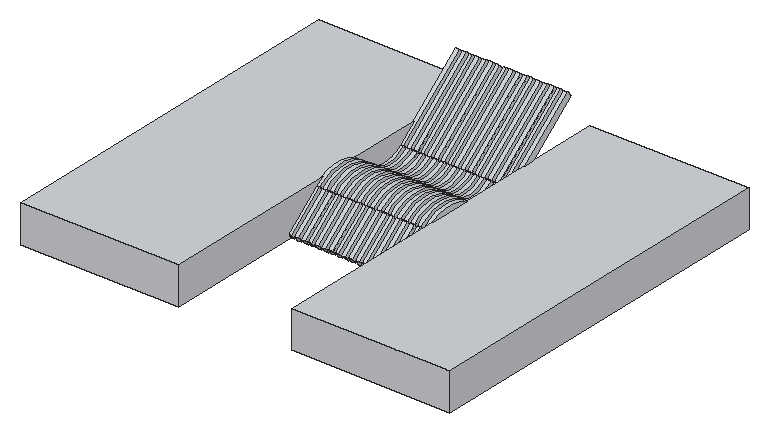
Revit family
Parameters
  nr = l / (d + 40 mm)  # 17
  l = 1200 mm
  d = 30 mm
Reference planes
  plane 1 "Centro (Fronte/Retro)": y = 0
  plane 2: z = 0
  plane 3 "Centro (Sinistra/Destra)": x = 0
  plane 4: x = -1200
Forms (mm)
  Extrusion 1, solid
    sketch origin (0, 0, 0) x (1, 0, 0) y (0, 1, 0)
      loop
        line (0, 2450) -> (0, -1550) -> (1700, -1550) -> (1700, 2450) -> (0, 2450)
    from 0 to 400
  Extrusion 2, solid
    sketch origin (-2900, -10, 0) x (1, 0, 0) y (0, 1, 0)
      loop
        line (0, 2450) -> (0, -1550) -> (1700, -1550) -> (1700, 2450) -> (0, 2450)
    from 0 to 400
Dimensions and locks
  equal spacing: group 2, group 17, group 16, group 15, group 14, group 13, group 12, group 11, group 10, group 9, group 8, group 7, group 6, group 5, group 4, group 3, group 1
  equal spacing: group 1, group 3, group 4, group 5, group 6, group 7, group 8, group 9, group 10, group 11, group 12, group 13, group 14, group 15, group 16, group 17, group 2  (x2)
  "l": plane 4 to plane 3 "Centro (Sinistra/Destra)"
  aligned and locked: plane 3 "Centro (Sinistra/Destra)" to nested 1
  aligned and locked: plane 4 to nested 2
Automatic sketch dimensions
  Extrusion 1 sketch curve to plane 3 "Centro (Sinistra/Destra)" = 0 mm
  plane 3 "Centro (Sinistra/Destra)" to Extrusion 1 sketch curve = 1700 mm
  plane 1 "Centro (Fronte/Retro)" to Extrusion 1 sketch curve = 1550 mm
  Extrusion 1 sketch curve to plane 1 "Centro (Fronte/Retro)" = 2450 mm
  Extrusion 2 sketch curve to plane 4 = 1700 mm
  Extrusion 2 sketch curve to plane 4 = 0 mm
  plane 1 "Centro (Fronte/Retro)" to Extrusion 2 sketch curve = 1560 mm
  Extrusion 2 sketch curve to plane 1 "Centro (Fronte/Retro)" = 2440 mm
Nested families
  nested 1: "sedia" at (-40, 1200, 0), type "sedia"
    with r 400.195 mm, lsd 125 mm, lsc 750 mm, lg 375 mm, er 87.695 mm, cc 400.1953, c 0.8, asc 600 mm
  nested 2: "sedia" at (-1200, 1200, 0), type "sedia"
    with r 400.195 mm, lsd 125 mm, lsc 750 mm, lg 375 mm, er 87.695 mm, cc 400.1953, c 0.8, asc 600 mm
  nested 3: "sedia" at (-112.5, 1200, 0), type "sedia"
    with r 400.195 mm, lsd 125 mm, lsc 750 mm, lg 375 mm, er 87.695 mm, cc 400.1953, c 0.8, asc 600 mm
  nested 4: "sedia" at (-185, 1200, 0), type "sedia"
    with r 400.195 mm, lsd 125 mm, lsc 750 mm, lg 375 mm, er 87.695 mm, cc 400.1953, c 0.8, asc 600 mm
  nested 5: "sedia" at (-257.5, 1200, 0), type "sedia"
    with r 400.195 mm, lsd 125 mm, lsc 750 mm, lg 375 mm, er 87.695 mm, cc 400.1953, c 0.8, asc 600 mm
  nested 6: "sedia" at (-330, 1200, 0), type "sedia"
    with r 400.195 mm, lsd 125 mm, lsc 750 mm, lg 375 mm, er 87.695 mm, cc 400.1953, c 0.8, asc 600 mm
  nested 7: "sedia" at (-402.5, 1200, 0), type "sedia"
    with r 400.195 mm, lsd 125 mm, lsc 750 mm, lg 375 mm, er 87.695 mm, cc 400.1953, c 0.8, asc 600 mm
  nested 8: "sedia" at (-475, 1200, 0), type "sedia"
    with r 400.195 mm, lsd 125 mm, lsc 750 mm, lg 375 mm, er 87.695 mm, cc 400.1953, c 0.8, asc 600 mm
  nested 9: "sedia" at (-547.5, 1200, 0), type "sedia"
    with r 400.195 mm, lsd 125 mm, lsc 750 mm, lg 375 mm, er 87.695 mm, cc 400.1953, c 0.8, asc 600 mm
  nested 10: "sedia" at (-620, 1200, 0), type "sedia"
    with r 400.195 mm, lsd 125 mm, lsc 750 mm, lg 375 mm, er 87.695 mm, cc 400.1953, c 0.8, asc 600 mm
  nested 11: "sedia" at (-692.5, 1200, 0), type "sedia"
    with r 400.195 mm, lsd 125 mm, lsc 750 mm, lg 375 mm, er 87.695 mm, cc 400.1953, c 0.8, asc 600 mm
  nested 12: "sedia" at (-765, 1200, 0), type "sedia"
    with r 400.195 mm, lsd 125 mm, lsc 750 mm, lg 375 mm, er 87.695 mm, cc 400.1953, c 0.8, asc 600 mm
  nested 13: "sedia" at (-837.5, 1200, 0), type "sedia"
    with r 400.195 mm, lsd 125 mm, lsc 750 mm, lg 375 mm, er 87.695 mm, cc 400.1953, c 0.8, asc 600 mm
  nested 14: "sedia" at (-910, 1200, 0), type "sedia"
    with r 400.195 mm, lsd 125 mm, lsc 750 mm, lg 375 mm, er 87.695 mm, cc 400.1953, c 0.8, asc 600 mm
  nested 15: "sedia" at (-982.5, 1200, 0), type "sedia"
    with r 400.195 mm, lsd 125 mm, lsc 750 mm, lg 375 mm, er 87.695 mm, cc 400.1953, c 0.8, asc 600 mm
  nested 16: "sedia" at (-1055, 1200, 0), type "sedia"
    with r 400.195 mm, lsd 125 mm, lsc 750 mm, lg 375 mm, er 87.695 mm, cc 400.1953, c 0.8, asc 600 mm
  nested 17: "sedia" at (-1127.5, 1200, 0), type "sedia"
    with r 400.195 mm, lsd 125 mm, lsc 750 mm, lg 375 mm, er 87.695 mm, cc 400.1953, c 0.8, asc 600 mm
Definition of nested family "sedia"
  Parameters
    sp = 40 mm
    r = cc * 1 mm  # 279.508 mm
    lsd = asd / c  # 50 mm
    lsc = asc / c  # 100 mm
    lg = ag / c  # 150 mm
    l2 = l1  # 500 mm
    l1 = 500 mm
    er = r - (((l1 / 2) * lsc) / asc)  # 154.508 mm
    cc = sqrt(((l1 / 2 mm) ^ 2) + ((((l1 / 2 mm) * lsc) / asc) ^ 2))  # 279.5085
    c = 2
    asd = 100 mm
    asc = 200 mm
    ap = 70 mm
    ag = 300 mm
    90 = 90.00°
    0 = 0 mm
  Reference planes
    plane 1 "Center (Front/Back)": y = 0
    plane 2: z = 0
    plane 3 "Center (Left/Right)": x = 0
    plane 4: y = 350
    plane 5: y = 250
    plane 6: z = 200
    plane 7: z = 400
    plane 8: y = -250
    plane 9: y = -300
    plane 10: z = 300
    plane 11: z = 45.492
    plane 12: z = 115.492
    plane 13: y = -550
    plane 14: y = -800
    plane 15: y = -300
    plane 16: y = -300
    plane 17: z = 454.508
    plane 18: z = 524.508
    plane 19: y = -950
    plane 20: y = -800
  Forms (mm)
    Extrusion 1, solid
      sketch origin (0, 0, 0) x (0, 1, 0) y (0, 0, 1)
        loop
          line (287.39, 431.305) -> (187.39, 231.305) -> (250, 200) -> (350, 400) -> (287.39, 431.305)
      from 0 to 40 <- "sp"
    Extrusion 2, solid
      sketch origin (0, 0, 0) x (0, 1, 0) y (0, 0, 1)
        loop
          line (-300, 300) -> (-250, 200) -> (-187.39, 231.305) -> (-237.39, 331.305) -> (-300, 300)
      from 0 to 40 <- "sp"
    Extrusion 3, solid
      sketch origin (0, 0, 0) x (0, 1, 0) y (0, 0, 1)
        loop
          line (250, 200) -> (187.39, 231.305)
          arc (187.39, 231.305) -> (0, 115.492) -> (-187.39, 231.305) r 209.508
          line (-187.39, 231.305) -> (-250, 200)
          arc (-250, 200) -> (0, 45.492) -> (250, 200) r 279.508
      from 0 to 40 <- "sp"
    Extrusion 4, solid
      sketch origin (0, 0, 0) x (0, 1, 0) y (0, 0, 1)
        loop
          line (-800, 300) -> (-862.61, 331.305) -> (-1012.61, 31.305) -> (-950, 0) -> (-800, 300)
      from 0 to 40 <- "sp"
    Sweep 5, solid
      path in 3D
        loop
          arc (0, -300, 300) -> (0, -550, 454.508) -> (0, -800, 300) r 279.508
      profile origin (0, -550, 454.508) x (0, 0, -1) y (1, 0, 0)
        loop
          line (-70, 0) -> (0, 0) -> (0, 40) -> (-70, 40) -> (-70, 0)
  Lines and regions (mm)
    reference lines
      curve 1: line (0, 350, 400) -> (0, 250, 200)
      curve 2: line (0, -250, 200) -> (0, -300, 300)
      curve 3: arc (0, 250, 200) -> (0, 0, 45.492) -> (0, -250, 200) r 279.508
      curve 4: line (0, 0, 115.492) -> (0, 0, 45.492)
      curve 5: line (0, -800, 300) -> (0, -950, 0)
      curve 6: line (0, -550, 524.508) -> (0, -550, 454.508)
      curve 7: arc (0, -300, 300) -> (0, -550, 454.508) -> (0, -800, 300) r 279.508
    sketch lines
      curve 8: arc (0, -300, 300) -> (0, -550, 454.508) -> (0, -800, 300) r 279.508
  Dimensions and locks
    "0": plane 4 to curve 1
    "0": plane 6 to curve 1
    "0": plane 7 to curve 1
    "0": plane 5 to curve 1
    "0": curve 2 to plane 9
    "0": curve 2 to plane 8
    "0": plane 10 to curve 2
    "0": plane 6 to curve 2
    "asc": plane 7 to plane 6
    "lsc": plane 4 to plane 5
    "lsd": plane 8 to plane 9
    "asd": plane 10 to plane 6
    equal spacing: plane 5, plane 1 "Center (Front/Back)", plane 8
    "l1": plane 5 to plane 8
    "er": plane 6 to plane 11
    "ap": Extrusion 1 sketch curve to Extrusion 1 sketch curve
    "ap": Extrusion 2 sketch curve to Extrusion 2 sketch curve
    "ap": plane 12 to plane 11
    equal spacing: plane 16, plane 13, plane 14
    "l2": plane 16 to plane 14
    "er": plane 17 to plane 10
    "ag": plane 10 to level
    "ap": plane 18 to plane 17
    "lg": plane 20 to plane 19
    "0": curve 5 to level
    "0": plane 19 to curve 5
    "0": plane 20 to curve 5
    "0": curve 5 to plane 10
    "ap": Extrusion 4 sketch curve to Extrusion 4 sketch curve
    "sp": Sweep 5 sketch curve to Sweep 5 sketch curve
    "ap": Sweep 5 sketch curve to Sweep 5 sketch curve
    "0": profile plane to Sweep 5 sketch curve  (x2)
    aligned and locked: Extrusion 1 sketch curve to curve 1  (x2)
    aligned and locked: Extrusion 1 sketch curve to curve 3
    aligned and locked: curve 2 to Extrusion 2 sketch curve
    aligned and locked: Extrusion 2 sketch curve to curve 3
    aligned and locked: Extrusion 2 sketch curve to curve 2
    aligned and locked: plane 12 to curve 4
    aligned and locked: Extrusion 3 sketch curve to curve 3
    aligned and locked: Extrusion 3 sketch curve to Extrusion 1  (x2)
    aligned and locked: Extrusion 3 sketch curve to Extrusion 2
    aligned and locked: Extrusion 2 to Extrusion 3 sketch curve
    aligned and locked: plane 15 to plane 9
    aligned and locked: plane 15 to plane 16
    aligned and locked: plane 14 to plane 20
    aligned and locked: plane 17 to curve 6
    aligned and locked: plane 18 to curve 6
    aligned and locked: curve 6 to plane 13
    aligned and locked: Extrusion 4 sketch curve to curve 5  (x2)
    aligned and locked: Extrusion 4 sketch curve to curve 7
  Automatic sketch dimensions
    Extrusion 3 sketch curve to Extrusion 3 sketch curve = 0 mm
    curve 4 to plane 1 "Center (Front/Back)" = 0 mm
    curve 4 to plane 11 = 0 mm
